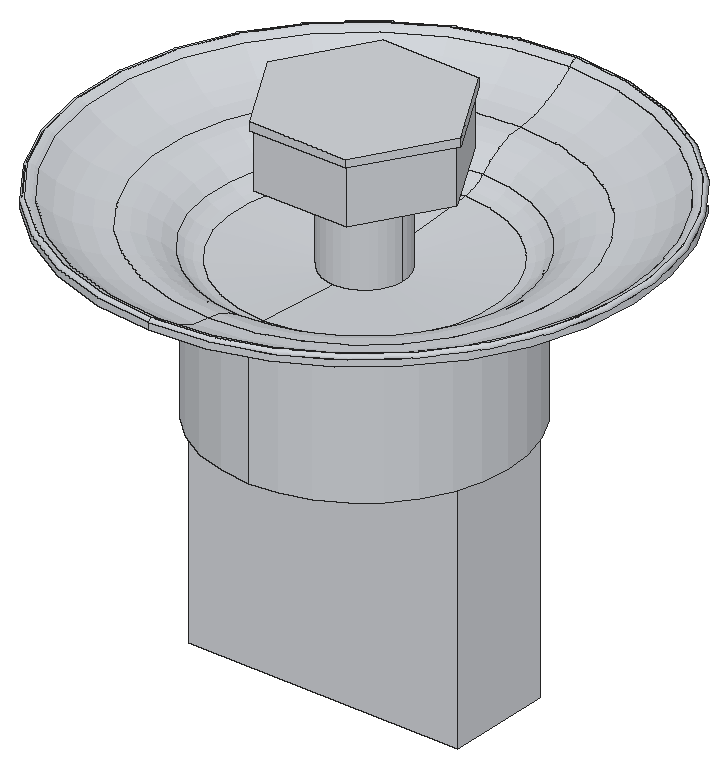
Revit family "Washfountain_Willoughby-WWF-4206-FLR", category Plumbing Fixtures, Revit 2015
Parameters
  URL = "https://www.willoughby-ind.com/wp-content/uploads/2018/01/WWF-4204.pdf"
  Revision = "A"
  Model = "WWF-4206-FLR"
  Manufacturer = "Willoughby Industries"
  Description = "6 Station Round 42\" Stainless Steel, Deep Bowl Washfountain, Floor Mounted"
  Contact Info = "(800) 428-4065"
Reference planes (in)
  plane 1 "Center (Front/Back)": y = 0
  plane 2: z = 0
  plane 3 "Center (Left/Right)": x = 0
Forms (in)
  Revolve 1, solid
    sketch origin (0, 0, 24) x (0, 1, 0) y (0, 0, 1)
      loop
        line (-25.75, 18) -> (-25.645, 18) -> (-25.645, 18.5)
        arc (-25.645, 18.5) -> (-25.58946, 18.6144) -> (-25.4652, 18.64105) r 0.145
        arc (-25.4652, 18.64105) -> (-25.14236, 18.51684) -> (-24.86, 18.317) r 1.395
        arc (-24.86, 18.317) -> (-22.61273, 16.86456) -> (-20.015, 16.223) r 8.105
        arc (-20.015, 16.223) -> (-18.03072, 15.71473) -> (-16.34015, 14.55814) r 5.895
        arc (-16.34015, 14.55814) -> (-15.55, 13.99657) -> (-14.62519, 13.70603) r 3.105
        arc (-14.62519, 13.70603) -> (-10.76816, 13.27715) -> (-6.89, 13.134) r 52.566
        line (-6.89, 13.134) -> (-4.75, 13.134) -> (-4.75, 13.23892) -> (-6.89891, 13.23892)
        arc (-6.89891, 13.23892) -> (-10.76924, 13.38189) -> (-14.61847, 13.80999) r 52.461
        arc (-14.61847, 13.80999) -> (-15.51174, 14.0906) -> (-16.275, 14.63292) r 3
        arc (-16.275, 14.63292) -> (-17.99549, 15.81032) -> (-20.015, 16.32792) r 6
        arc (-20.015, 16.32792) -> (-22.58032, 16.9611) -> (-24.79922, 18.3952) r 8
        arc (-24.79922, 18.3952) -> (-25.10242, 18.60963) -> (-25.449, 18.743) r 1.5
        arc (-25.449, 18.743) -> (-25.65705, 18.69278) -> (-25.75, 18.5) r 0.25
        line (-25.75, 18.5) -> (-25.75, 18)
      axis (-4.75, 13.134) -> (-4.75, 18.743)
    angle from 0 to 360
  Revolve 2, solid
    sketch origin (0, 0, 0) x (0, 1, 0) y (0, 0, 1)
      loop
        line (-4.75, 37.134) -> (-6.891, 37.134)
        arc (-6.891, 37.134) -> (-10.76906, 37.27719) -> (-14.626, 37.706) r 52.58515
        arc (-14.626, 37.706) -> (-14.75098, 37.7272) -> (-14.875, 37.75349) r 3.10529
        arc (-14.875, 37.75349) -> (-15.46346, 37.95478) -> (-16, 38.26931) r 3.10529
        line (-16, 38.26931) -> (-16, 27.01953) -> (-4.75, 27.01953) -> (-4.75, 37.134)
      axis (-4.75, 38.26931) -> (-4.75, 27.01953)
    angle from 0 to 360
  Extrusion 3, solid
    sketch origin (0, 0, 0) x (1, 0, 0) y (0, 1, 0)
      loop
        line (-3.60844, 1.5) -> (-7.21688, -4.75) -> (-3.60844, -11) -> (3.60844, -11) -> (7.21688, -4.75) -> (3.60844, 1.5) -> (-3.60844, 1.5)
    from 44.01953 to 48.26953
  Extrusion 4, solid
    sketch origin (0, 0, 0) x (1, 0, 0) y (0, 1, 0)
      loop
        line (-3.75278, 1.75) -> (-7.50555, -4.75) -> (-3.75278, -11.25) -> (3.75278, -11.25) -> (7.50555, -4.75) -> (3.75278, 1.75) -> (-3.75278, 1.75)
    from 48.26953 to 48.89453
  Extrusion 5, solid
    sketch origin (0, 0, 0) x (1, 0, 0) y (0, 1, 0)
      loop
        circle (0, -4.75) r 3
    from 37.04273 to 44.01953
  Extrusion 6, solid
    sketch origin (0, 0, 0) x (0, 1, 0) y (0, 0, 1)
      loop
        line (-8.75, 9.01953) -> (-0.75, 9.01953) -> (-0.75, 27.01953) -> (-8.75, 27.01953) -> (-8.75, 9.01953)
    from -10.5 to 10.5
  Extrusion 7, solid
    sketch origin (0, 0, 0) x (1, 0, 0) y (0, 1, 0)
      loop
        circle (-2, -2.75) r 0.25
      loop
        circle (-2, -6.75) r 0.25
      loop
        circle (-5, -4.75) r 1
    from 9.01953 to 10
Dimensions and locks (in)
  aligned and locked: level to plane 2
  aligned and locked: Revolve 2 sketch curve to Revolve 2 sketch curve  (x2)
  aligned and locked: Extrusion 6 to Extrusion 7
Connectors (in)
  piping at (-2, -2.75, 9.01953), diameter 0.5
    settings: on Extrusion 7, index 1, connector inside diameter 24", connector length 0' - 0", flow factor 0, pipe flow 0 GPM, pressure drop 0.00 psi, fitting loss kfactor 0, connector angle 0.00°, fixture units 0, engagement length 0' - 0", angle of deflection 0.00°, flow configuration 0, flow direction 0, fitting loss method 0, system type 19, joint type 0, gender type 0, connector reference index -1, connector utility 0, adjustable connector no, is connector primary yes, connector description ""
  piping at (-2, -6.75, 9.01953), diameter 0.5
    settings: on Extrusion 7, index 2, connector inside diameter 24", connector length 0' - 0", flow factor 0, pipe flow 0 GPM, pressure drop 0.00 psi, fitting loss kfactor 0, connector angle 0.00°, fixture units 0, engagement length 0' - 0", angle of deflection 0.00°, flow configuration 0, flow direction 0, fitting loss method 0, system type 20, joint type 0, gender type 0, connector reference index -1, connector utility 0, adjustable connector no, is connector primary no, connector description ""
  piping at (-5, -4.75, 9.01953), diameter 2
    settings: on Extrusion 7, index 3, connector inside diameter 24", connector length 0' - 0", flow factor 0, pipe flow 0 GPM, pressure drop 0.00 psi, fitting loss kfactor 0, connector angle 0.00°, fixture units 0, engagement length 0' - 0", angle of deflection 0.00°, flow configuration 0, flow direction 0, fitting loss method 0, system type 8, joint type 0, gender type 0, connector reference index -1, connector utility 0, adjustable connector no, is connector primary no, connector description ""
